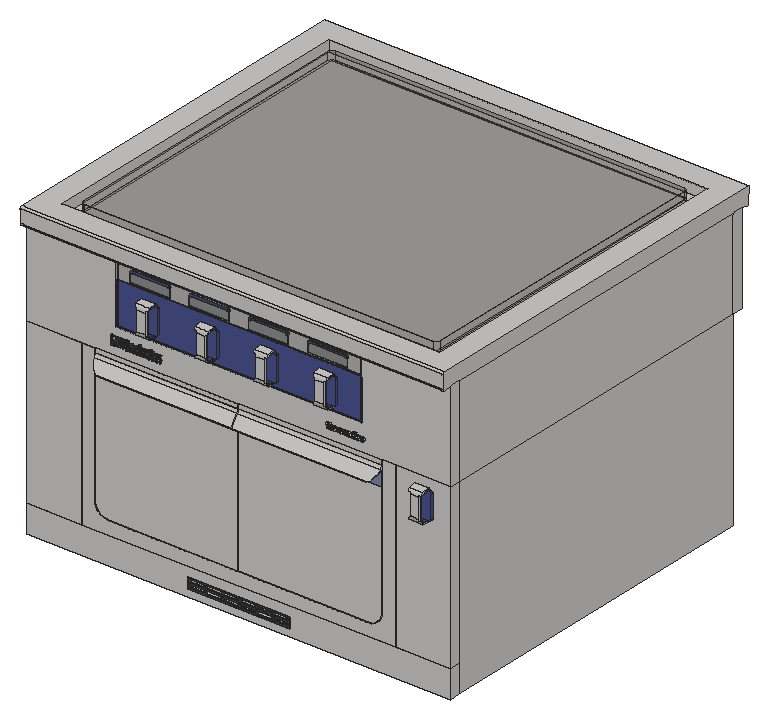
Revit family "QF_ELECTROLUXPROFESSIONAL_589671_MCIQEAJ4AO", category Attrezzature speciali, Revit 2020 (continued)
Definition of nested family "Front_Panel_W1000_4 Knobs"
  Definition of nested family "ELX_Professional_Logo_Small"
    Forms (mm)
      Extrusion 2, solid, material <- "Material_Logo"
        sketch origin (15.5, 0, 0) x (1, 0, 0) y (0, 1, 0)
          loop
            spline (-4.441, -1.243) -> (-4.659, -1.247) -> (-4.894, -1.23) -> (-5.137, -1.19) -> (-5.384, -1.121) -> (-5.628, -1.021) -> (-5.864, -0.884) -> (-6.084, -0.708) -> (-6.283, -0.488) -> (-6.454, -0.219) -> (-6.592, 0.101) -> (-6.69, 0.478) -> (-6.742, 0.914)
            line (-6.742, 0.914) -> (-6.742, 4.587) -> (-4.487, 4.587) -> (-4.487, 6.838) -> (-6.738, 6.838) -> (-6.738, 10.824) -> (-9.217, 10.824) -> (-9.217, 0.773)
            spline (-9.217, 0.773) -> (-9.164, 0.19) -> (-9.068, -0.358) -> (-8.928, -0.87) -> (-8.742, -1.343) -> (-8.511, -1.777) -> (-8.232, -2.168) -> (-7.904, -2.515) -> (-7.527, -2.816) -> (-7.098, -3.069) -> (-6.618, -3.273) -> (-6.084, -3.426) -> (-5.496, -3.525)
            line (-5.496, -3.525) -> (-4.45, -3.573) -> (-4.441, -1.243)
          loop
            spline (3.898, 6.983) -> (3.469, 7.009) -> (3.056, 7.001) -> (2.661, 6.961) -> (2.283, 6.888) -> (1.925, 6.785) -> (1.588, 6.652) -> (1.272, 6.49) -> (0.979, 6.301) -> (0.71, 6.085) -> (0.465, 5.844) -> (0.247, 5.578) -> (0.056, 5.289)
            line (0.056, 5.289) -> (0.056, 6.838) -> (-2.402, 6.838) -> (-2.402, -3.572) -> (0.056, -3.572) -> (0.056, 1.901)
            spline (0.056, 1.901) -> (0.079, 2.316) -> (0.145, 2.703) -> (0.254, 3.06) -> (0.404, 3.386) -> (0.592, 3.679) -> (0.818, 3.938) -> (1.08, 4.162) -> (1.375, 4.348) -> (1.703, 4.495) -> (2.062, 4.602) -> (2.45, 4.668) -> (2.865, 4.69)
            line (2.865, 4.69) -> (3.898, 4.586) -> (3.898, 6.983)
          loop
            spline (15.638, 1.633) -> (15.586, 2.396) -> (15.435, 3.124) -> (15.192, 3.81) -> (14.863, 4.449) -> (14.455, 5.034) -> (13.975, 5.56) -> (13.43, 6.021) -> (12.826, 6.411) -> (12.17, 6.724) -> (11.469, 6.955) -> (10.729, 7.098) -> (9.958, 7.147)
            spline (9.958, 7.147) -> (9.182, 7.098) -> (8.44, 6.955) -> (7.737, 6.724) -> (7.081, 6.411) -> (6.477, 6.021) -> (5.933, 5.56) -> (5.454, 5.034) -> (5.048, 4.449) -> (4.721, 3.81) -> (4.479, 3.124) -> (4.329, 2.396) -> (4.277, 1.633)
            spline (4.277, 1.633) -> (4.329, 0.869) -> (4.479, 0.141) -> (4.721, -0.544) -> (5.048, -1.183) -> (5.454, -1.768) -> (5.933, -2.294) -> (6.477, -2.755) -> (7.081, -3.145) -> (7.737, -3.459) -> (8.44, -3.69) -> (9.182, -3.833) -> (9.958, -3.882)
            spline (9.958, -3.882) -> (10.729, -3.833) -> (11.469, -3.69) -> (12.17, -3.459) -> (12.826, -3.145) -> (13.43, -2.755) -> (13.975, -2.294) -> (14.455, -1.768) -> (14.863, -1.183) -> (15.192, -0.544) -> (15.435, 0.141) -> (15.586, 0.869) -> (15.638, 1.633)
          loop
            spline (13.18, 1.633) -> (13.151, 2.083) -> (13.067, 2.513) -> (12.932, 2.918) -> (12.748, 3.296) -> (12.52, 3.642) -> (12.251, 3.954) -> (11.943, 4.227) -> (11.601, 4.459) -> (11.228, 4.645) -> (10.828, 4.782) -> (10.403, 4.867) -> (9.958, 4.896)
            spline (9.958, 4.896) -> (9.509, 4.867) -> (9.081, 4.782) -> (8.679, 4.645) -> (8.306, 4.459) -> (7.964, 4.227) -> (7.658, 3.954) -> (7.39, 3.642) -> (7.163, 3.296) -> (6.981, 2.918) -> (6.847, 2.513) -> (6.765, 2.083) -> (6.736, 1.633)
            spline (6.736, 1.633) -> (6.765, 1.182) -> (6.847, 0.753) -> (6.981, 0.347) -> (7.163, -0.031) -> (7.39, -0.377) -> (7.658, -0.689) -> (7.964, -0.962) -> (8.306, -1.193) -> (8.679, -1.38) -> (9.081, -1.517) -> (9.509, -1.602) -> (9.958, -1.631)
            spline (9.958, -1.631) -> (10.403, -1.602) -> (10.828, -1.517) -> (11.228, -1.38) -> (11.601, -1.193) -> (11.943, -0.962) -> (12.251, -0.689) -> (12.52, -0.377) -> (12.748, -0.031) -> (12.932, 0.347) -> (13.067, 0.753) -> (13.151, 1.182) -> (13.18, 1.633)
          loop
            line (17.162, 4.269) -> (17.162, -3.573) -> (19.642, -3.573) -> (19.642, 10.824) -> (17.162, 10.824) -> (17.162, 4.269)
          loop
            line (28.581, 6.838) -> (28.581, 0.786)
            spline (28.581, 0.786) -> (28.561, 0.393) -> (28.503, 0.038) -> (28.409, -0.279) -> (28.281, -0.559) -> (28.122, -0.802) -> (27.933, -1.011) -> (27.717, -1.185) -> (27.476, -1.325) -> (27.213, -1.433) -> (26.929, -1.509) -> (26.626, -1.554) -> (26.308, -1.569)
            spline (26.308, -1.569) -> (25.99, -1.554) -> (25.688, -1.509) -> (25.404, -1.434) -> (25.141, -1.326) -> (24.9, -1.187) -> (24.684, -1.014) -> (24.496, -0.807) -> (24.336, -0.565) -> (24.209, -0.288) -> (24.115, 0.026) -> (24.057, 0.376) -> (24.037, 0.765)
            line (24.037, 0.765) -> (24.037, 6.838) -> (21.537, 6.838) -> (21.537, 0.558)
            spline (21.537, 0.558) -> (21.581, -0.153) -> (21.71, -0.8) -> (21.916, -1.384) -> (22.195, -1.904) -> (22.54, -2.362) -> (22.944, -2.757) -> (23.403, -3.09) -> (23.909, -3.362) -> (24.456, -3.572) -> (25.04, -3.722) -> (25.652, -3.811) -> (26.288, -3.841)
            spline (26.288, -3.841) -> (26.929, -3.811) -> (27.547, -3.72) -> (28.135, -3.568) -> (28.687, -3.355) -> (29.197, -3.079) -> (29.66, -2.741) -> (30.068, -2.341) -> (30.415, -1.877) -> (30.696, -1.349) -> (30.905, -0.757) -> (31.034, -0.101) -> (31.079, 0.621)
            line (31.079, 0.621) -> (31.079, 6.838) -> (28.581, 6.838)
          loop
            line (40.457, -0.243) -> (38.894, 1.942) -> (40.83, 4.579) -> (42.488, 6.837) -> (39.782, 6.837) -> (37.53, 3.719) -> (35.258, 6.837) -> (32.573, 6.837) -> (34.113, 4.731) -> (36.167, 1.922) -> (34.014, -1.076) -> (32.222, -3.573) -> (34.887, -3.573) -> (37.53, 0.104) -> (40.174, -3.573) -> (42.839, -3.573) -> (40.457, -0.243)
          loop
            line (-46.121, -5.837) -> (-48.039, -5.837) -> (-48.039, -10.814) -> (-47.016, -10.814) -> (-47.016, -9.128) -> (-46.121, -9.128)
            arc (-46.121, -9.128) -> (-44.476, -7.482) -> (-46.121, -5.837) r 1.645
          loop
            line (-46.163, -6.778) -> (-47.016, -6.778) -> (-47.016, -8.187) -> (-46.163, -8.187)
            arc (-46.163, -8.187) -> (-45.458, -7.482) -> (-46.163, -6.778) r 0.704
          loop
            line (-38.313, -5.837) -> (-40.265, -5.837) -> (-40.265, -10.814) -> (-39.241, -10.814) -> (-39.241, -9.1) -> (-38.46, -9.182) -> (-37.48, -10.814) -> (-36.318, -10.814) -> (-37.513, -8.848)
            arc (-37.513, -8.848) -> (-36.888, -8.266) -> (-36.671, -7.441) r 1.536
            arc (-36.671, -7.441) -> (-37.165, -6.305) -> (-38.313, -5.837) r 1.643
          loop
            arc (-38.402, -8.166) -> (-37.707, -7.505) -> (-38.334, -6.778) r 0.696
            line (-38.334, -6.778) -> (-39.241, -6.778) -> (-39.241, -8.166) -> (-38.402, -8.166)
          loop
            circle (-29.965, -8.325) r 2.585
          loop
            circle (-29.965, -8.325) r 1.64
          loop
            line (-23.1, -5.837) -> (-23.1, -10.814) -> (-22.076, -10.814) -> (-22.076, -8.768) -> (-20.204, -8.768) -> (-20.204, -7.828) -> (-22.076, -7.828) -> (-22.076, -6.778) -> (-20.024, -6.778) -> (-20.024, -5.837) -> (-23.1, -5.837)
          loop
            line (-15.802, -5.837) -> (-15.802, -9.2)
            arc (-15.802, -9.2) -> (-15.343, -10.34) -> (-14.209, -10.814) r 1.593
            line (-14.209, -10.814) -> (-12.602, -10.814) -> (-12.602, -10.027) -> (-14.004, -10.027)
            arc (-14.004, -10.027) -> (-14.552, -9.8) -> (-14.779, -9.252) r 0.775
            line (-14.779, -9.252) -> (-14.779, -8.424) -> (-12.789, -8.424) -> (-12.789, -7.642) -> (-14.779, -7.642) -> (-14.779, -6.778) -> (-12.651, -6.778) -> (-12.651, -5.837) -> (-15.802, -5.837)
          loop
            line (-5.909, -7.143) -> (-5.173, -6.638)
            arc (-5.173, -6.638) -> (-5.855, -5.974) -> (-6.781, -5.755) r 1.782
            arc (-6.781, -5.755) -> (-7.397, -5.878) -> (-7.944, -6.189) r 1.974
            arc (-7.944, -6.189) -> (-8.202, -6.5) -> (-8.317, -6.888) r 1.013
            arc (-8.317, -6.888) -> (-8.306, -7.341) -> (-8.192, -7.78) r 1.985
            arc (-8.192, -7.78) -> (-7.749, -8.259) -> (-7.171, -8.563) r 1.928
            arc (-7.171, -8.563) -> (-6.637, -8.779) -> (-6.131, -9.056) r 5.041
            arc (-6.131, -9.056) -> (-5.934, -9.387) -> (-6.09, -9.74) r 0.42
            arc (-6.09, -9.74) -> (-6.631, -9.96) -> (-7.204, -9.845) r 1.016
            arc (-7.204, -9.845) -> (-7.625, -9.603) -> (-7.889, -9.196) r 1.033
            line (-7.889, -9.196) -> (-8.67, -9.686)
            arc (-8.67, -9.686) -> (-8.361, -10.198) -> (-7.908, -10.589) r 1.914
            arc (-7.908, -10.589) -> (-7.334, -10.834) -> (-6.714, -10.896) r 2.063
            arc (-6.714, -10.896) -> (-5.947, -10.743) -> (-5.256, -10.376) r 2.696
            arc (-5.256, -10.376) -> (-4.95, -9.565) -> (-5.108, -8.712) r 1.618
            arc (-5.108, -8.712) -> (-5.448, -8.319) -> (-5.884, -8.035) r 1.876
            arc (-5.884, -8.035) -> (-6.434, -7.789) -> (-6.999, -7.577) r 9.883
            arc (-6.999, -7.577) -> (-7.325, -7.07) -> (-6.854, -6.694) r 0.45
            arc (-6.854, -6.694) -> (-6.329, -6.809) -> (-5.909, -7.143) r 1.197
          loop
            line (1.61, -7.143) -> (2.345, -6.638)
            arc (2.345, -6.638) -> (1.663, -5.974) -> (0.737, -5.755) r 1.782
            arc (0.737, -5.755) -> (0.121, -5.878) -> (-0.425, -6.189) r 1.974
            arc (-0.425, -6.189) -> (-0.683, -6.5) -> (-0.799, -6.888) r 1.013
            arc (-0.799, -6.888) -> (-0.788, -7.341) -> (-0.674, -7.78) r 1.985
            arc (-0.674, -7.78) -> (-0.231, -8.259) -> (0.347, -8.563) r 1.928
            arc (0.347, -8.563) -> (0.881, -8.779) -> (1.387, -9.056) r 5.041
            arc (1.387, -9.056) -> (1.584, -9.387) -> (1.428, -9.74) r 0.42
            arc (1.428, -9.74) -> (0.887, -9.96) -> (0.314, -9.845) r 1.016
            arc (0.314, -9.845) -> (-0.107, -9.603) -> (-0.371, -9.196) r 1.033
            line (-0.371, -9.196) -> (-1.152, -9.686)
            arc (-1.152, -9.686) -> (-0.842, -10.198) -> (-0.39, -10.589) r 1.914
            arc (-0.39, -10.589) -> (0.184, -10.834) -> (0.804, -10.896) r 2.063
            arc (0.804, -10.896) -> (1.572, -10.743) -> (2.263, -10.376) r 2.696
            arc (2.263, -10.376) -> (2.568, -9.565) -> (2.411, -8.712) r 1.618
            arc (2.411, -8.712) -> (2.07, -8.319) -> (1.635, -8.035) r 1.876
            arc (1.635, -8.035) -> (1.084, -7.789) -> (0.519, -7.577) r 9.883
            arc (0.519, -7.577) -> (0.193, -7.07) -> (0.665, -6.694) r 0.45
            arc (0.665, -6.694) -> (1.189, -6.809) -> (1.61, -7.143) r 1.197
          loop
            line (6.801, -5.837) -> (6.801, -10.814) -> (7.825, -10.814) -> (7.825, -5.837) -> (6.801, -5.837)
          loop
            circle (14.724, -8.325) r 1.548
          loop
            circle (14.724, -8.325) r 2.585
          loop
            line (21.59, -10.814) -> (22.623, -10.814) -> (22.623, -7.685) -> (24.9, -10.814) -> (25.895, -10.814) -> (25.895, -5.837) -> (24.861, -5.837) -> (24.861, -9.061) -> (22.585, -5.837) -> (21.59, -5.837) -> (21.59, -10.814)
          loop
            line (31.054, -10.814) -> (31.539, -9.74) -> (33.38, -9.74) -> (33.865, -10.814) -> (34.965, -10.814) -> (32.46, -5.837) -> (29.956, -10.814) -> (31.054, -10.814)
          loop
            line (32.46, -7.698) -> (31.999, -8.719) -> (32.921, -8.719) -> (32.46, -7.698)
          loop
            line (40.047, -9.873) -> (40.047, -5.837) -> (39.024, -5.837) -> (39.024, -10.814) -> (41.961, -10.814) -> (41.961, -9.873) -> (40.047, -9.873)
          loop
            line (-74.986, -10.814) -> (-53.322, -10.814) -> (-53.322, 10.82) -> (-74.986, 10.82) -> (-74.986, -10.814)
          loop
            line (-61.261, 9.758) -> (-61.261, -9.707)
            arc (-61.261, -9.707) -> (-54.066, 0.025) -> (-61.261, 9.758) r 10.18
          loop
            line (-62.251, 8.349) -> (-62.251, 9.758)
            arc (-62.251, 9.758) -> (-70.347, 7.918) -> (-74.247, 0.59) r 9.976
            line (-74.247, 0.59) -> (-71.026, 0.59)
            arc (-71.026, 0.59) -> (-65.274, 2.925) -> (-62.251, 8.349) r 9.351
          loop
            arc (-74.247, -0.539) -> (-70.353, -7.928) -> (-62.251, -9.957) r 10.237
            line (-62.251, -9.957) -> (-62.251, -8.298)
            arc (-62.251, -8.298) -> (-65.274, -2.874) -> (-71.026, -0.539) r 9.351
            line (-71.026, -0.539) -> (-74.247, -0.539)
        from 0 to 1.644
    Dimensions and locks
      aligned and locked: plane 2 to Extrusion 1
      aligned and locked: level to Extrusion 1
Definition of nested family "H450H2W1000_2DOOR"
  Parameters
    Width [instance] = 680 mm
    Wdoor [instance] = Width / 2  # 340 mm
    Show Clearance [instance] = yes
    Model = "727995"
    Height = 450 mm
    Default Elevation = 0 mm
  Reference planes
    plane 1 "Center (Front/Back)": y = 0
    plane 2: z = 0
    plane 3 "Center (Left/Right)": x = 36.042
    plane 4 "panel": z = 25
    plane 5: x = -303.958
    plane 6: x = 376.042
    plane 7: y = 450
    plane 8: z = 340
    plane 9: z = 45
  Forms (mm)
    Extrusion 1, solid
      sketch origin (0, -919.2, 0) x (1, 0, 0) y (0, 1, 0)
        loop
          line (-980.5, 2119.2) -> (-980.5, -162.846) -> (881.94, -162.846) -> (881.94, 2119.2) -> (-980.5, 2119.2)
      from 0 to -59.546
    Extrusion 2, solid
      sketch origin (0, 0, 0) x (1, 0, 0) y (0, 1, 0)
        loop
          line (374.042, 393) -> (37.042, 393) -> (37.042, 97) -> (344.042, 97)
          arc (344.042, 97) -> (365.255, 105.787) -> (374.042, 127) r 30
          line (374.042, 127) -> (374.042, 393)
        loop
          arc (-301.958, 127) -> (-293.171, 105.787) -> (-271.958, 97) r 30
          line (-271.958, 97) -> (35.042, 97) -> (35.042, 393) -> (-301.958, 393) -> (-301.958, 127)
      from 0 to 25
    Extrusion 3, solid
      sketch origin (0, 0, 0) x (1, 0, 0) y (0, 1, 0)
        loop
          line (-301.958, 393) -> (35.042, 393) -> (35.042, 440) -> (-301.958, 440) -> (-301.958, 393)
        loop
          line (37.042, 440) -> (37.042, 393) -> (374.042, 393) -> (374.042, 440) -> (37.042, 440)
      from 0 to 25
    Extrusion 4, solid
      sketch origin (5.581, 79.805, 0) x (1, 0, 0) y (0, 1, 0)
        loop
          line (-307.539, 360.195) -> (29.461, 360.195) -> (29.461, 370.195) -> (-307.539, 370.195) -> (-307.539, 360.195)
        loop
          line (31.461, 370.195) -> (31.461, 360.195) -> (368.461, 360.195) -> (368.461, 370.195) -> (31.461, 370.195)
      from 0 to 25
    Extrusion 5, solid
      sketch origin (36.042, 0, 0) x (0, 1, 0) y (0, 0, 1)
        loop
          line (426.693, 25) -> (440.02, 25)
          arc (440.02, 25) -> (435.261, 25.775) -> (430.993, 28.02) r 15
          line (430.993, 28.02) -> (406.653, 46.362) -> (403.644, 42.369) -> (426.693, 25)
      from 1 to 338
    Extrusion 6, solid
      sketch origin (36.042, 0, 0) x (0, 1, 0) y (0, 0, 1)
        loop
          line (426.693, 25) -> (440.02, 25)
          arc (440.02, 25) -> (435.261, 25.775) -> (430.993, 28.02) r 15
          line (430.993, 28.02) -> (406.653, 46.362) -> (403.644, 42.369) -> (426.693, 25)
      from -338 to -1
    Extrusion 7, void
      sketch origin (0, 0, 0) x (1, 0, 0) y (0, 1, 0)
        loop
          arc (374.042, 426.693) -> (364.508, 412.772) -> (350.317, 403.644) r 42.603
          line (350.317, 403.644) -> (374.042, 403.644) -> (374.042, 426.693)
      from 0 to 47.9
    Extrusion 8, void
      sketch origin (72.084, 0, 0) x (-1, 0, 0) y (0, -1, 0)
        loop
          line (374.042, -426.693) -> (374.042, -403.644) -> (350.317, -403.644)
          arc (350.317, -403.644) -> (364.508, -412.772) -> (374.042, -426.693) r 42.603
      from 0 to 47.9
    Extrusion 9, solid, detail levels coarse
      sketch origin (0, 0, 0) x (1, 0, 0) y (0, 0, 1)
        loop
          arc (36.231, 25) -> (-56.085, 247.873) -> (-278.958, 340.189) r 315.189
          line (-278.958, 340.189) -> (-278.958, 25) -> (36.231, 25)
      from -450 to -97
    Extrusion 10, solid, detail levels coarse
      sketch origin (0, 0, 0) x (1, 0, 0) y (0, 0, 1)
        loop
          arc (351.042, 340) -> (128.303, 247.739) -> (36.042, 25) r 315
          line (36.042, 25) -> (351.042, 25) -> (351.042, 340)
      from -450 to -97
  Cuts and joins
    Extrusion 8 cuts Extrusion 6
    Extrusion 7 cuts Extrusion 5
  Lines and regions (mm)
    symbolic lines
      curve 1: line (376.042, 0, 45) -> (376.042, 0, 340)
      curve 2: line (351.042, 0, 45) -> (351.042, 0, 340)
      curve 3: line (376.042, 0, 340) -> (351.042, 0, 340)
      curve 4: line (-303.958, 0, 45) -> (-303.958, 0, 340)
      curve 5: line (-278.958, 0, 45) -> (-278.958, 0, 340)
      curve 6: line (-303.958, 0, 340) -> (-278.958, 0, 340)
      curve 7: arc (351.042, 0, 340) -> (135.522, 0, 254.731) -> (36.683, 0, 45.088) r 315
      curve 8: arc (35.407, 0, 44.997) -> (-63.405, 0, 254.7) -> (-278.958, 0, 340) r 315
  Dimensions and locks
    plane 4 "panel" to level = 25 mm
    "Width": plane 5 to plane 6
    equal spacing: plane 5, plane 3 "Center (Left/Right)", plane 6
    "Height": plane 1 "Center (Front/Back)" to plane 7
    locked: plane 5 to Extrusion 2 sketch curve at 2
    locked: Extrusion 2 sketch curve to plane 6 at 2
    locked: plane 1 "Center (Front/Back)" to Extrusion 2 sketch curve at 97
    locked: plane 7 to Extrusion 2 sketch curve at 57
    locked: Extrusion 2 sketch curve to plane 3 "Center (Left/Right)" at 1
    locked: plane 3 "Center (Left/Right)" to Extrusion 2 sketch curve at 1
    Extrusion 3 sketch curve to Extrusion 2 = 47 mm
    "Wdoor": plane 8 to level
    locked: curve 2 to curve 1 at 25
    locked: curve 5 to curve 4 at 25
    plane 4 "panel" to plane 9 = 20 mm
    aligned and locked: plane 2 to Extrusion 1
    aligned and locked: level to Extrusion 1
    aligned and locked: plane 4 "panel" to Extrusion 2
    aligned and locked: Extrusion 2 to Extrusion 3 sketch curve
    aligned and locked: Extrusion 3 sketch curve to Extrusion 2  (x2)
    aligned and locked: Extrusion 3 sketch curve to Extrusion 3 sketch curve
    aligned and locked: plane 4 "panel" to Extrusion 3
    aligned and locked: Extrusion 4 sketch curve to Extrusion 4 sketch curve
    aligned and locked: Extrusion 4 sketch curve to Extrusion 3  (x3)
    aligned and locked: Extrusion 3 to Extrusion 4 sketch curve
    aligned and locked: Extrusion 4 sketch curve to plane 7
    aligned and locked: Extrusion 3 to Extrusion 5
    aligned and locked: Extrusion 5 to Extrusion 3
    aligned and locked: Extrusion 6 to Extrusion 3
    aligned and locked: Extrusion 3 to Extrusion 6
    aligned and locked: Extrusion 7 sketch curve to Extrusion 5
    aligned and locked: Extrusion 8 to Extrusion 6
    aligned and locked: Extrusion 4 to Extrusion 8
    aligned and locked: Extrusion 2 to Extrusion 7
    aligned and locked: Extrusion 7 to Extrusion 5
    aligned and locked: Extrusion 4 to Extrusion 3  (x2)
    aligned and locked: Extrusion 3 to Extrusion 2
    aligned and locked: Extrusion 4 to Extrusion 2
    aligned and locked: curve 3 to plane 8
    aligned and locked: curve 1 to plane 6
    aligned and locked: curve 4 to plane 5
    aligned and locked: Extrusion 9 sketch curve to plane 4 "panel"
    aligned and locked: Extrusion 10 sketch curve to curve 7
    aligned and locked: Extrusion 10 sketch curve to curve 2
    aligned and locked: Extrusion 2 to Extrusion 9
    aligned and locked: Extrusion 2 to Extrusion 10
    aligned and locked: plane 7 to Extrusion 9
    aligned and locked: Extrusion 3 to Extrusion 4
  Automatic sketch dimensions
    Extrusion 1 sketch curve to Extrusion 1 sketch curve = 1862.44 mm
    Extrusion 1 sketch curve to Extrusion 1 sketch curve = 2282.046 mm
    Extrusion 2 sketch curve to Extrusion 2 sketch curve = 30 mm  (x2)
    Extrusion 2 sketch curve to plane 1 "Center (Front/Back)" = 97 mm
    Extrusion 2 sketch curve to Extrusion 2 sketch curve = 0 mm
    Extrusion 3 sketch curve to plane 3 "Center (Left/Right)" = 1 mm
    plane 5 to Extrusion 3 sketch curve = 2 mm
    Extrusion 3 sketch curve to Extrusion 3 sketch curve = 0 mm
    Extrusion 5 sketch curve to plane 4 "panel" = 0 mm
    plane 4 "panel" to Extrusion 5 sketch curve = 17.369 mm
    Extrusion 5 sketch curve to plane 7 = 46.356 mm
    plane 4 "panel" to Extrusion 5 sketch curve = 21.362 mm
    Extrusion 5 sketch curve to Extrusion 5 sketch curve = 3.009 mm
    plane 4 "panel" to Extrusion 5 sketch curve = 3.02 mm
    Extrusion 5 sketch curve to Extrusion 5 sketch curve = 9.027 mm
    Extrusion 6 sketch curve to plane 4 "panel" = 0 mm
    plane 4 "panel" to Extrusion 6 sketch curve = 17.369 mm
    Extrusion 6 sketch curve to plane 7 = 46.356 mm
    plane 4 "panel" to Extrusion 6 sketch curve = 21.362 mm
    Extrusion 6 sketch curve to Extrusion 6 sketch curve = 3.009 mm
    plane 4 "panel" to Extrusion 6 sketch curve = 3.02 mm
    Extrusion 6 sketch curve to Extrusion 6 sketch curve = 9.027 mm
    Extrusion 7 sketch curve to Extrusion 7 sketch curve = 23.725 mm
    Extrusion 7 sketch curve to plane 7 = 6.671 mm
    Extrusion 7 sketch curve to plane 6 = 41.221 mm
    Extrusion 7 sketch curve to plane 7 = 23.307 mm
    plane 7 to Extrusion 8 sketch curve = 6.671 mm
    Extrusion 8 sketch curve to plane 5 = 41.221 mm
    Extrusion 8 sketch curve to plane 5 = 25.725 mm
    Extrusion 8 sketch curve to plane 5 = 2 mm
    plane 7 to Extrusion 8 sketch curve = 23.307 mm
    Extrusion 4 sketch curve to Extrusion 4 sketch curve = 10 mm
    Extrusion 4 sketch curve to plane 7 = 10 mm
    curve 2 to plane 9 = 0 mm
    curve 5 to plane 9 = 0 mm
    curve 4 to plane 9 = 0 mm
    curve 1 to plane 9 = 0 mm
    curve 8 to plane 4 "panel" = 0 mm
    curve 5 to plane 8 = 0 mm
    curve 8 to plane 9 = 0.003 mm
    curve 7 to plane 4 "panel" = 0 mm
    plane 9 to curve 7 = 0.088 mm
    plane 5 to Extrusion 9 sketch curve = 25 mm
    plane 3 "Center (Left/Right)" to Extrusion 9 sketch curve = 0.189 mm
